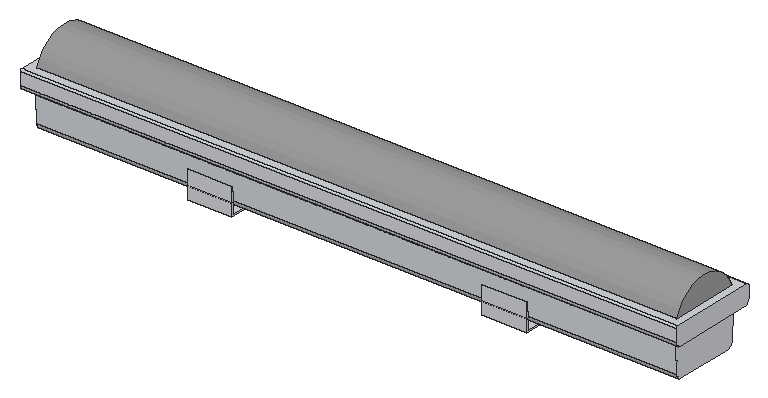
Revit family "0010203", category Lighting Fixtures, host Face, Revit 2017 (continued)
Types (60, lengths in mm): name | Weight | Wattage | TypeName | built-in parameter 1150134 | Photometric Web File | built-in parameter 1150142 | PowerFactor | PowerConsumption | NominalLength | Name | ModelReference | ModelNumber | Model | LuminousEfficacy | built-in parameter 1150105 | Lumens | LampNominalLuminous | LampMacAdamStep | LampColourTemperature | LENGHT_SYL | LENGHT_CHAMFER_SYL | LENGHT-_SYL | LENGHT-_CHAMFER_SYL | L0650_SYL | L1500_SYL | L1200_SYL | built-in parameter 1150107 | built-in parameter 1150106 | built-in parameter 1150104 | DocumentationLiterature | Description | BRACKET_WIDTH_SYL | BRACKET_DIST_SYL | Apparent Load
  0010268 RESISTO 1500 HE IP66 4000LM 840 | "1.87 kg" | 25 W | "Resisto  1500 HE IP66 4000lm 840" | 12 | "0010268.ies" | "IESNA:LM-63-2002\r\n[TEST] 0010268\r\n[TESTLAB]\r\n[MANUFAC] \r\n[LUMCAT]\r\n[LUMINAIRE] Resisto  1500 HE IP66 4000lm 8 40 /4000 \r\n[LAMP] 0010268 Resisto  1500 HE IP66 /4000\r\n[BALLAST] \r\n[ISSUEDATE]\r\n[OTHER] B-Angle = 0.00 B-Tilt = 0.00 2021-02-16\r\nTILT=NONE\r\n1 4000.00 1 37 5 1 2 0.087 1.500 0.040\r\n1.0 1.0 25.00\r\n   0.00   5.00  10.00  15.00  20.00  25.00  30.00  35.00  40.00  45.00\r\n  50.00  55.00  60.00  65.00  70.00  75.00  80.00  85.00  90.00  95.00\r\n 100.00 105.00 110.00 115.00 120.00 125.00 130.00 135.00 140.00 145.00\r\n 150.00 155.00 160.00 165.00 170.00 175.00 180.00\r\n   0.00  22.50  45.00  67.50  90.00\r\n    1286.32    1282.04    1267.08    1242.24    1204.20    1153.48    1089.96\r\n    1014.52     929.92     838.88     742.84     644.48     545.24     444.32\r\n     341.20     234.40     129.16      41.04       3.44       3.44       3.56\r\n       3.64       3.68       4.00       4.44       4.88       5.36       5.92\r\n       6.56       7.24       7.88       8.56       9.20       9.76      10.20\r\n      10.56      10.80\r\n    1286.32    1282.32    1258.96    1221.88    1180.52    1135.48    1084.04\r\n    1028.00     970.20     909.44     836.64     737.52     606.12     461.80\r\n     332.80     230.44     154.88      99.40      59.44      31.04      16.00\r\n       6.68       4.68       5.08       5.36       5.64       5.96       6.36\r\n       6.84       7.32       7.88       8.44       9.04       9.48       9.92\r\n      10.32      10.80\r\n    1286.32    1275.00    1239.36    1214.04    1191.84    1175.16    1166.84\r\n    1143.48    1092.48     985.60     822.80     647.44     502.76     392.92\r\n     309.80     246.88     196.16     151.64     115.40      87.72      60.76\r\n      37.96      22.28      12.12       7.48       7.32       7.24       7.24\r\n       7.24       7.52       7.96       8.44       8.92       9.36       9.80\r\n      10.16      10.80\r\n    1286.32    1269.16    1235.64    1223.44    1220.12    1235.36    1227.80\r\n    1181.72    1069.64     900.00     732.92     597.68     489.40     405.12\r\n     343.04     291.52     239.48     192.44     153.84     115.48      71.84\r\n      48.56      32.56      22.00      14.16       8.84       8.00       7.92\r\n       7.84       7.84       8.00       8.44       8.96       9.40       9.84\r\n      10.24      10.80\r\n    1286.32    1269.00    1235.96    1226.28    1235.68    1250.20    1239.32\r\n    1175.04    1040.44     867.00     712.80     589.00     489.24     414.92\r\n     359.04     308.00     254.04     204.76     161.72     113.20      70.92\r\n      50.04      36.08      26.60      18.72      12.48       9.84       9.60\r\n       9.48       9.36       9.40       9.68      10.16      10.56      10.84\r\n      10.96      10.80\r\n" | 0.95 | "25 W" | 1500 | "Resisto  1500 HE IP66 4000lm 840" | "Resisto  1500 HE IP66 4000lm 840" | "0010268" | "Resisto  1500 HE IP66 4000lm 840" | "160 lm/W" | 1286.3 (stored number, unit not read) | 4000 lm | "4000 lm" | "3" | "4000 K" | 742 | 750 | -742 | -750 | no | yes | no | 4000 (stored number, unit not read) | 12.863 (stored number, unit not read) | 14.864 (stored number, unit not read) | "http://www.sylvania-lighting.com/product/en-int/products/0010268" | "Resisto, integrated LED weatherproof luminaire, with UV stabilized flat diffuser designed to achieve uniform lit appearance, optimise light output and to reduce glare. 301 stainless steel diffuser clips and fixing brackets for surface mounting. Polycarbonate housing and diffuser - no yellow discolouration over time. 4000lm; 25W; 160lm/W; 4000K; SDCM<3; non dimmable; CRI80; IP66; IK08; Class I; 69,000hrs (L80B20) lifespan; 1500mm x 89mm x 88mm; D-mark." | 550 | 594 | 25 VA
  0010261 RESISTO 1500 IP66 DALI 8300LM 840 | "2.01 kg" | 61 W | "Resisto  1500 IP66 DALI 8300lm 840" | 12 | "0010261.ies" | "IESNA:LM-63-2002\r\n[TEST] 0010261\r\n[TESTLAB]\r\n[MANUFAC] \r\n[LUMCAT]\r\n[LUMINAIRE] Resisto  1500 IP66 DALI 8300lm  840 /4000 \r\n[LAMP] 0010261 Resisto  1500 IP66 DAL/4000\r\n[BALLAST] \r\n[ISSUEDATE]\r\n[OTHER] B-Angle = 0.00 B-Tilt = 0.00 2021-02-16\r\nTILT=NONE\r\n1 8300.00 1 37 5 1 2 0.087 1.500 0.040\r\n1.0 1.0 61.00\r\n   0.00   5.00  10.00  15.00  20.00  25.00  30.00  35.00  40.00  45.00\r\n  50.00  55.00  60.00  65.00  70.00  75.00  80.00  85.00  90.00  95.00\r\n 100.00 105.00 110.00 115.00 120.00 125.00 130.00 135.00 140.00 145.00\r\n 150.00 155.00 160.00 165.00 170.00 175.00 180.00\r\n   0.00  22.50  45.00  67.50  90.00\r\n    2794.11    2777.43    2737.84    2672.02    2584.70    2469.75    2325.99\r\n    2158.25    1971.91    1771.55    1562.47    1349.33    1134.94     915.49\r\n     690.23     457.99     236.05      63.83       7.39       7.72       8.05\r\n       8.30       8.47       9.21      10.04      11.12      12.20      13.45\r\n      14.86      16.27      17.76      19.26      20.50      21.66      22.66\r\n      23.41      23.74\r\n    2794.11    2766.39    2701.24    2614.58    2523.45    2425.18    2311.22\r\n    2185.47    2055.91    1917.63    1746.65    1516.74    1223.75     916.65\r\n     650.47     441.56     288.59     177.04      99.43      46.89      23.24\r\n       9.71      10.04      10.79      11.62      12.28      13.03      14.03\r\n      15.11      16.27      17.51      18.76      19.92      21.00      21.91\r\n      22.66      23.74\r\n    2794.11    2741.99    2662.31    2613.09    2558.06    2525.86    2501.79\r\n    2443.11    2306.74    2041.38    1666.39    1295.71    1000.73     780.03\r\n     613.29     486.38     381.80     291.41     220.53     164.17     110.89\r\n      67.81      38.18      19.92      15.44      15.52      15.60      15.60\r\n      16.02      16.77      17.68      18.59      19.59      20.58      21.50\r\n      22.24      23.74\r\n    2794.11    2726.96    2665.96    2636.83    2646.95    2668.12    2640.56\r\n    2510.25    2225.56    1840.69    1490.60    1214.54     994.42     826.18\r\n     700.93     591.71     482.31     386.78     307.76     220.53     135.79\r\n      92.05      61.59      40.59      25.65      17.35      17.10      17.10\r\n      17.01      17.10      17.68      18.59      19.42      20.42      21.41\r\n      22.24      23.74\r\n    2794.11    2719.08    2674.92    2652.85    2699.66    2715.59    2670.03\r\n    2485.19    2145.30    1768.73    1455.90    1204.50    1006.04     859.05\r\n     744.51     633.79     519.00     417.24     320.96     214.06     134.96\r\n      97.61      70.22      51.13      35.94      24.40      21.00      20.67\r\n      20.50      20.25      20.42      21.16      22.08      22.74      23.41\r\n      23.65      23.74\r\n" | 0.99 | "61 W" | 1500 | "Resisto  1500 IP66 DALI 8300lm 840" | "Resisto  1500 IP66 DALI 8300lm 840" | "0010261" | "Resisto  1500 IP66 DALI 8300lm 840" | "136 lm/W" | 2792.8 (stored number, unit not read) | 8296 lm | "8300 lm" | "5" | "4000 K" | 742 | 750 | -742 | -750 | no | yes | no | 4000 (stored number, unit not read) | 27.928 (stored number, unit not read) | 12.635 (stored number, unit not read) | "http://www.sylvania-lighting.com/product/en-int/products/0010261" | "Resisto, integrated LED weatherproof luminaire, with UV stabilized flat diffuser designed to achieve uniform lit appearance, optimise light output and to reduce glare. 301 stainless steel diffuser clips and fixing brackets for surface mounting. Polycarbonate housing and diffuser - no yellow discolouration over time. 8300lm; 61W; 136lm/W; 4000K; SDCM<5; DALI dimmable; CRI80; IP66; IK08; Class I; 69,000hrs (L80B20) lifespan; 1500mm x 89mm x 88mm; D-mark." | 550 | 594 | 61 VA
  0010260 RESISTO 1500 IP66 DALI 7100LM 840 | "2.01 kg" | 52 W | "Resisto  1500 IP66 DALI 7100lm 840" | 12 | "0010260.ies" | "IESNA:LM-63-2002\r\n[TEST] 0010260\r\n[TESTLAB]\r\n[MANUFAC] \r\n[LUMCAT]\r\n[LUMINAIRE] Resisto  1500 IP66 DALI 7100lm  840 /4000 \r\n[LAMP] 0010260 Resisto  1500 IP66 DAL/4000\r\n[BALLAST] \r\n[ISSUEDATE]\r\n[OTHER] B-Angle = 0.00 B-Tilt = 0.00 2021-02-16\r\nTILT=NONE\r\n1 7100.00 1 37 5 1 2 0.087 1.500 0.040\r\n1.0 1.0 52.00\r\n   0.00   5.00  10.00  15.00  20.00  25.00  30.00  35.00  40.00  45.00\r\n  50.00  55.00  60.00  65.00  70.00  75.00  80.00  85.00  90.00  95.00\r\n 100.00 105.00 110.00 115.00 120.00 125.00 130.00 135.00 140.00 145.00\r\n 150.00 155.00 160.00 165.00 170.00 175.00 180.00\r\n   0.00  22.50  45.00  67.50  90.00\r\n    2367.50    2355.99    2324.75    2272.21    2198.66    2105.22    1987.15\r\n    1846.50    1688.17    1517.63    1338.35    1156.09     971.56     783.84\r\n     591.57     393.34     202.42      52.40       6.04       6.32       6.60\r\n       6.74       7.10       7.67       8.38       9.23      10.15      11.15\r\n      12.28      13.49      14.70      15.90      16.97      17.96      18.82\r\n      19.38      19.74\r\n    2367.50    2349.25    2296.64    2224.43    2147.47    2064.82    1969.75\r\n    1864.18    1753.49    1637.54    1496.04    1306.61    1062.44     799.82\r\n     568.50     386.67     253.61     155.92      88.11      42.32      20.66\r\n       8.24       8.38       8.95       9.66      10.22      10.86      11.64\r\n      12.57      13.56      14.55      15.62      16.61      17.61      18.39\r\n      19.03      19.74\r\n    2367.50    2328.59    2259.79    2218.68    2171.11    2138.38    2120.20\r\n    2071.14    1967.62    1757.25    1446.63    1125.85     867.98     675.21\r\n     529.80     419.18     329.30     252.12     190.92     142.71      97.91\r\n      59.78      33.65      17.18      12.99      13.06      13.14      13.14\r\n      13.42      14.06      14.77      15.62      16.47      17.40      18.18\r\n      18.82      19.74\r\n    2367.50    2314.25    2259.57    2234.80    2232.45    2253.47    2231.60\r\n    2133.98    1911.53    1588.98    1283.82    1043.70     851.93     704.04\r\n     595.12     503.60     411.52     330.36     264.33     193.76     120.35\r\n      80.59      53.25      34.65      21.87      14.63      14.48      14.48\r\n      14.41      14.41      14.91      15.62      16.47      17.32      18.18\r\n      18.89      19.74\r\n    2367.50    2303.60    2263.13    2242.32    2275.55    2286.48    2253.19\r\n    2110.69    1838.62    1518.83    1247.26    1030.14     856.33     727.32\r\n     628.78     536.69     440.55     354.86     277.54     188.43     117.29\r\n      83.99      59.78      43.31      30.25      20.52      17.61      17.40\r\n      17.32      17.11      17.25      17.82      18.53      19.17      19.74\r\n      19.95      19.74\r\n" | 0.99 | "52 W" | 1500 | "Resisto  1500 IP66 DALI 7100lm 840" | "Resisto  1500 IP66 DALI 7100lm 840" | "0010260" | "Resisto  1500 IP66 DALI 7100lm 840" | "137 lm/W" | 2375.5 (stored number, unit not read) | 7124 lm | "7100 lm" | "5" | "4000 K" | 742 | 750 | -742 | -750 | no | yes | no | 4000 (stored number, unit not read) | 23.755 (stored number, unit not read) | 12.728 (stored number, unit not read) | "http://www.sylvania-lighting.com/product/en-int/products/0010260" | "Resisto, integrated LED weatherproof luminaire, with UV stabilized flat diffuser designed to achieve uniform lit appearance, optimise light output and to reduce glare. 301 stainless steel diffuser clips and fixing brackets for surface mounting. Polycarbonate housing and diffuser - no yellow discolouration over time. 7100lm; 52W; 137lm/W; 4000K; SDCM<5; DALI dimmable; CRI80; IP66; IK08; Class I; 69,000hrs (L80B20) lifespan; 1500mm x 89mm x 88mm; D-mark." | 550 | 594 | 52 VA
  0010259 RESISTO 1500 IP66 DALI 4000LM 840 | "1.95 kg" | 30 W | "Resisto  1500 IP66 DALI 4000lm 840" | 12 | "0010259.ies" | "IESNA:LM-63-2002\r\n[TEST] 0010259\r\n[TESTLAB]\r\n[MANUFAC] \r\n[LUMCAT]\r\n[LUMINAIRE] Resisto  1500 IP66 DALI 4000lm  840 /4000 \r\n[LAMP] 0010259 Resisto  1500 IP66 DAL/4000\r\n[BALLAST] \r\n[ISSUEDATE]\r\n[OTHER] B-Angle = 0.00 B-Tilt = 0.00 2021-02-16\r\nTILT=NONE\r\n1 4000.00 1 37 5 1 2 0.087 1.500 0.040\r\n1.0 1.0 30.00\r\n   0.00   5.00  10.00  15.00  20.00  25.00  30.00  35.00  40.00  45.00\r\n  50.00  55.00  60.00  65.00  70.00  75.00  80.00  85.00  90.00  95.00\r\n 100.00 105.00 110.00 115.00 120.00 125.00 130.00 135.00 140.00 145.00\r\n 150.00 155.00 160.00 165.00 170.00 175.00 180.00\r\n   0.00  22.50  45.00  67.50  90.00\r\n    1286.32    1282.04    1267.08    1242.24    1204.20    1153.48    1089.96\r\n    1014.52     929.92     838.88     742.84     644.48     545.24     444.32\r\n     341.20     234.40     129.16      41.04       3.44       3.44       3.56\r\n       3.64       3.68       4.00       4.44       4.88       5.36       5.92\r\n       6.56       7.24       7.88       8.56       9.20       9.76      10.20\r\n      10.56      10.80\r\n    1286.32    1282.32    1258.96    1221.88    1180.52    1135.48    1084.04\r\n    1028.00     970.20     909.44     836.64     737.52     606.12     461.80\r\n     332.80     230.44     154.88      99.40      59.44      31.04      16.00\r\n       6.68       4.68       5.08       5.36       5.64       5.96       6.36\r\n       6.84       7.32       7.88       8.44       9.04       9.48       9.92\r\n      10.32      10.80\r\n    1286.32    1275.00    1239.36    1214.04    1191.84    1175.16    1166.84\r\n    1143.48    1092.48     985.60     822.80     647.44     502.76     392.92\r\n     309.80     246.88     196.16     151.64     115.40      87.72      60.76\r\n      37.96      22.28      12.12       7.48       7.32       7.24       7.24\r\n       7.24       7.52       7.96       8.44       8.92       9.36       9.80\r\n      10.16      10.80\r\n    1286.32    1269.16    1235.64    1223.44    1220.12    1235.36    1227.80\r\n    1181.72    1069.64     900.00     732.92     597.68     489.40     405.12\r\n     343.04     291.52     239.48     192.44     153.84     115.48      71.84\r\n      48.56      32.56      22.00      14.16       8.84       8.00       7.92\r\n       7.84       7.84       8.00       8.44       8.96       9.40       9.84\r\n      10.24      10.80\r\n    1286.32    1269.00    1235.96    1226.28    1235.68    1250.20    1239.32\r\n    1175.04    1040.44     867.00     712.80     589.00     489.24     414.92\r\n     359.04     308.00     254.04     204.76     161.72     113.20      70.92\r\n      50.04      36.08      26.60      18.72      12.48       9.84       9.60\r\n       9.48       9.36       9.40       9.68      10.16      10.56      10.84\r\n      10.96      10.80\r\n" | 0.98 | "30 W" | 1500 | "Resisto  1500 IP66 DALI 4000lm 840" | "Resisto  1500 IP66 DALI 4000lm 840" | "0010259" | "Resisto  1500 IP66 DALI 4000lm 840" | "133 lm/W" | 1283.1 (stored number, unit not read) | 3990 lm | "4000 lm" | "5" | "4000 K" | 742 | 750 | -742 | -750 | no | yes | no | 4000 (stored number, unit not read) | 12.831 (stored number, unit not read) | 12.356 (stored number, unit not read) | "http://www.sylvania-lighting.com/product/en-int/products/0010259" | "Resisto, integrated LED weatherproof luminaire, with UV stabilized flat diffuser designed to achieve uniform lit appearance, optimise light output and to reduce glare. 301 stainless steel diffuser clips and fixing brackets for surface mounting. Polycarbonate housing and diffuser - no yellow discolouration over time. 4000lm; 30W; 133lm/W; 4000K; SDCM<5; DALI dimmable; CRI80; IP66; IK08; Class I; 69,000hrs (L80B20) lifespan; 1500mm x 89mm x 88mm; D-mark." | 550 | 594 | 30 VA
  0010258 RESISTO 1500 IP66 MWCOR 7100LM 840 | "2.06 kg" | 52 W | "Resisto  1500 IP66 MWcor 7100lm 840" | 12 | "0010258.ies" | "IESNA:LM-63-2002\r\n[TEST] 0010258\r\n[TESTLAB]\r\n[MANUFAC] \r\n[LUMCAT]\r\n[LUMINAIRE] Resisto  1500 IP66 MWcor 7100l m 840 /4000 \r\n[LAMP] 0010258 Resisto  1500 IP66 MWc/4000\r\n[BALLAST] \r\n[ISSUEDATE]\r\n[OTHER] B-Angle = 0.00 B-Tilt = 0.00 2021-02-16\r\nTILT=NONE\r\n1 7100.00 1 37 5 1 2 0.087 1.500 0.040\r\n1.0 1.0 52.00\r\n   0.00   5.00  10.00  15.00  20.00  25.00  30.00  35.00  40.00  45.00\r\n  50.00  55.00  60.00  65.00  70.00  75.00  80.00  85.00  90.00  95.00\r\n 100.00 105.00 110.00 115.00 120.00 125.00 130.00 135.00 140.00 145.00\r\n 150.00 155.00 160.00 165.00 170.00 175.00 180.00\r\n   0.00  22.50  45.00  67.50  90.00\r\n    2367.50    2355.99    2324.75    2272.21    2198.66    2105.22    1987.15\r\n    1846.50    1688.17    1517.63    1338.35    1156.09     971.56     783.84\r\n     591.57     393.34     202.42      52.40       6.04       6.32       6.60\r\n       6.74       7.10       7.67       8.38       9.23      10.15      11.15\r\n      12.28      13.49      14.70      15.90      16.97      17.96      18.82\r\n      19.38      19.74\r\n    2367.50    2349.25    2296.64    2224.43    2147.47    2064.82    1969.75\r\n    1864.18    1753.49    1637.54    1496.04    1306.61    1062.44     799.82\r\n     568.50     386.67     253.61     155.92      88.11      42.32      20.66\r\n       8.24       8.38       8.95       9.66      10.22      10.86      11.64\r\n      12.57      13.56      14.55      15.62      16.61      17.61      18.39\r\n      19.03      19.74\r\n    2367.50    2328.59    2259.79    2218.68    2171.11    2138.38    2120.20\r\n    2071.14    1967.62    1757.25    1446.63    1125.85     867.98     675.21\r\n     529.80     419.18     329.30     252.12     190.92     142.71      97.91\r\n      59.78      33.65      17.18      12.99      13.06      13.14      13.14\r\n      13.42      14.06      14.77      15.62      16.47      17.40      18.18\r\n      18.82      19.74\r\n    2367.50    2314.25    2259.57    2234.80    2232.45    2253.47    2231.60\r\n    2133.98    1911.53    1588.98    1283.82    1043.70     851.93     704.04\r\n     595.12     503.60     411.52     330.36     264.33     193.76     120.35\r\n      80.59      53.25      34.65      21.87      14.63      14.48      14.48\r\n      14.41      14.41      14.91      15.62      16.47      17.32      18.18\r\n      18.89      19.74\r\n    2367.50    2303.60    2263.13    2242.32    2275.55    2286.48    2253.19\r\n    2110.69    1838.62    1518.83    1247.26    1030.14     856.33     727.32\r\n     628.78     536.69     440.55     354.86     277.54     188.43     117.29\r\n      83.99      59.78      43.31      30.25      20.52      17.61      17.40\r\n      17.32      17.11      17.25      17.82      18.53      19.17      19.74\r\n      19.95      19.74\r\n" | 0.99 | "52 W" | 1500 | "Resisto  1500 IP66 MWcor 7100lm 840" | "Resisto  1500 IP66 MWcor 7100lm 840" | "0010258" | "Resisto  1500 IP66 MWcor 7100lm 840" | "137 lm/W" | 2375.5 (stored number, unit not read) | 7124 lm | "7100 lm" | "5" | "4000 K" | 742 | 750 | -742 | -750 | no | yes | no | 4000 (stored number, unit not read) | 23.755 (stored number, unit not read) | 12.728 (stored number, unit not read) | "http://www.sylvania-lighting.com/product/en-int/products/0010258" | "Resisto, integrated LED weatherproof luminaire, with UV stabilized flat diffuser designed to achieve uniform lit appearance, optimise light output and to reduce glare. 301 stainless steel diffuser clips and fixing brackets for surface mounting. Polycarbonate housing and diffuser - no yellow discolouration over time. 7100lm; 52W; 137lm/W; 4000K; SDCM<5; non dimmable; CRI80; IP66; IK08; Class I; 69,000hrs (L80B20) lifespan; 1500mm x 89mm x 88mm; D-mark; corridor function with microwave presence sensor." | 550 | 594 | 52 VA
  0010257 RESISTO 1500 IP66 MWCOR 4000LM 840 | "2.0 kg" | 30 W | "Resisto  1500 IP66 MWcor 4000lm 840" | 12 | "0010257.ies" | "IESNA:LM-63-2002\r\n[TEST] 0010257\r\n[TESTLAB]\r\n[MANUFAC] \r\n[LUMCAT]\r\n[LUMINAIRE] Resisto  1500 IP66 MWcor 4000l m 840 /4000 \r\n[LAMP] 0010257 Resisto  1500 IP66 MWc/4000\r\n[BALLAST] \r\n[ISSUEDATE]\r\n[OTHER] B-Angle = 0.00 B-Tilt = 0.00 2021-02-16\r\nTILT=NONE\r\n1 4000.00 1 37 5 1 2 0.087 1.500 0.040\r\n1.0 1.0 30.00\r\n   0.00   5.00  10.00  15.00  20.00  25.00  30.00  35.00  40.00  45.00\r\n  50.00  55.00  60.00  65.00  70.00  75.00  80.00  85.00  90.00  95.00\r\n 100.00 105.00 110.00 115.00 120.00 125.00 130.00 135.00 140.00 145.00\r\n 150.00 155.00 160.00 165.00 170.00 175.00 180.00\r\n   0.00  22.50  45.00  67.50  90.00\r\n    1286.32    1282.04    1267.08    1242.24    1204.20    1153.48    1089.96\r\n    1014.52     929.92     838.88     742.84     644.48     545.24     444.32\r\n     341.20     234.40     129.16      41.04       3.44       3.44       3.56\r\n       3.64       3.68       4.00       4.44       4.88       5.36       5.92\r\n       6.56       7.24       7.88       8.56       9.20       9.76      10.20\r\n      10.56      10.80\r\n    1286.32    1282.32    1258.96    1221.88    1180.52    1135.48    1084.04\r\n    1028.00     970.20     909.44     836.64     737.52     606.12     461.80\r\n     332.80     230.44     154.88      99.40      59.44      31.04      16.00\r\n       6.68       4.68       5.08       5.36       5.64       5.96       6.36\r\n       6.84       7.32       7.88       8.44       9.04       9.48       9.92\r\n      10.32      10.80\r\n    1286.32    1275.00    1239.36    1214.04    1191.84    1175.16    1166.84\r\n    1143.48    1092.48     985.60     822.80     647.44     502.76     392.92\r\n     309.80     246.88     196.16     151.64     115.40      87.72      60.76\r\n      37.96      22.28      12.12       7.48       7.32       7.24       7.24\r\n       7.24       7.52       7.96       8.44       8.92       9.36       9.80\r\n      10.16      10.80\r\n    1286.32    1269.16    1235.64    1223.44    1220.12    1235.36    1227.80\r\n    1181.72    1069.64     900.00     732.92     597.68     489.40     405.12\r\n     343.04     291.52     239.48     192.44     153.84     115.48      71.84\r\n      48.56      32.56      22.00      14.16       8.84       8.00       7.92\r\n       7.84       7.84       8.00       8.44       8.96       9.40       9.84\r\n      10.24      10.80\r\n    1286.32    1269.00    1235.96    1226.28    1235.68    1250.20    1239.32\r\n    1175.04    1040.44     867.00     712.80     589.00     489.24     414.92\r\n     359.04     308.00     254.04     204.76     161.72     113.20      70.92\r\n      50.04      36.08      26.60      18.72      12.48       9.84       9.60\r\n       9.48       9.36       9.40       9.68      10.16      10.56      10.84\r\n      10.96      10.80\r\n" | 0.98 | "30 W" | 1500 | "Resisto  1500 IP66 MWcor 4000lm 840" | "Resisto  1500 IP66 MWcor 4000lm 840" | "0010257" | "Resisto  1500 IP66 MWcor 4000lm 840" | "133 lm/W" | 1283.1 (stored number, unit not read) | 3990 lm | "4000 lm" | "5" | "4000 K" | 742 | 750 | -742 | -750 | no | yes | no | 4000 (stored number, unit not read) | 12.831 (stored number, unit not read) | 12.356 (stored number, unit not read) | "http://www.sylvania-lighting.com/product/en-int/products/0010257" | "Resisto, integrated LED weatherproof luminaire, with UV stabilized flat diffuser designed to achieve uniform lit appearance, optimise light output and to reduce glare. 301 stainless steel diffuser clips and fixing brackets for surface mounting. Polycarbonate housing and diffuser - no yellow discolouration over time. 4000lm; 30W; 133lm/W; 4000K; SDCM<5; non dimmable; CRI80; IP66; IK08; Class I; 69,000hrs (L80B20) lifespan; 1500mm x 89mm x 88mm; D-mark; corridor function with microwave presence sensor." | 550 | 594 | 30 VA
  0010256 RESISTO 1500 IP66 MW 7100LM 840 | "2.0 kg" | 52 W | "Resisto  1500 IP66 MW 7100lm 840" | 12 | "0010256.ies" | "IESNA:LM-63-2002\r\n[TEST] 0010256\r\n[TESTLAB]\r\n[MANUFAC] \r\n[LUMCAT]\r\n[LUMINAIRE] Resisto  1500 IP66 MW 7100lm 8 40 /4000 \r\n[LAMP] 0010256 Resisto  1500 IP66 MW /4000\r\n[BALLAST] \r\n[ISSUEDATE]\r\n[OTHER] B-Angle = 0.00 B-Tilt = 0.00 2021-02-16\r\nTILT=NONE\r\n1 7100.00 1 37 5 1 2 0.087 1.500 0.040\r\n1.0 1.0 52.00\r\n   0.00   5.00  10.00  15.00  20.00  25.00  30.00  35.00  40.00  45.00\r\n  50.00  55.00  60.00  65.00  70.00  75.00  80.00  85.00  90.00  95.00\r\n 100.00 105.00 110.00 115.00 120.00 125.00 130.00 135.00 140.00 145.00\r\n 150.00 155.00 160.00 165.00 170.00 175.00 180.00\r\n   0.00  22.50  45.00  67.50  90.00\r\n    2367.50    2355.99    2324.75    2272.21    2198.66    2105.22    1987.15\r\n    1846.50    1688.17    1517.63    1338.35    1156.09     971.56     783.84\r\n     591.57     393.34     202.42      52.40       6.04       6.32       6.60\r\n       6.74       7.10       7.67       8.38       9.23      10.15      11.15\r\n      12.28      13.49      14.70      15.90      16.97      17.96      18.82\r\n      19.38      19.74\r\n    2367.50    2349.25    2296.64    2224.43    2147.47    2064.82    1969.75\r\n    1864.18    1753.49    1637.54    1496.04    1306.61    1062.44     799.82\r\n     568.50     386.67     253.61     155.92      88.11      42.32      20.66\r\n       8.24       8.38       8.95       9.66      10.22      10.86      11.64\r\n      12.57      13.56      14.55      15.62      16.61      17.61      18.39\r\n      19.03      19.74\r\n    2367.50    2328.59    2259.79    2218.68    2171.11    2138.38    2120.20\r\n    2071.14    1967.62    1757.25    1446.63    1125.85     867.98     675.21\r\n     529.80     419.18     329.30     252.12     190.92     142.71      97.91\r\n      59.78      33.65      17.18      12.99      13.06      13.14      13.14\r\n      13.42      14.06      14.77      15.62      16.47      17.40      18.18\r\n      18.82      19.74\r\n    2367.50    2314.25    2259.57    2234.80    2232.45    2253.47    2231.60\r\n    2133.98    1911.53    1588.98    1283.82    1043.70     851.93     704.04\r\n     595.12     503.60     411.52     330.36     264.33     193.76     120.35\r\n      80.59      53.25      34.65      21.87      14.63      14.48      14.48\r\n      14.41      14.41      14.91      15.62      16.47      17.32      18.18\r\n      18.89      19.74\r\n    2367.50    2303.60    2263.13    2242.32    2275.55    2286.48    2253.19\r\n    2110.69    1838.62    1518.83    1247.26    1030.14     856.33     727.32\r\n     628.78     536.69     440.55     354.86     277.54     188.43     117.29\r\n      83.99      59.78      43.31      30.25      20.52      17.61      17.40\r\n      17.32      17.11      17.25      17.82      18.53      19.17      19.74\r\n      19.95      19.74\r\n" | 0.95 | "52 W" | 1500 | "Resisto  1500 IP66 MW 7100lm 840" | "Resisto  1500 IP66 MW 7100lm 840" | "0010256" | "Resisto  1500 IP66 MW 7100lm 840" | "137 lm/W" | 2375.5 (stored number, unit not read) | 7124 lm | "7100 lm" | "5" | "4000 K" | 742 | 750 | -742 | -750 | no | yes | no | 4000 (stored number, unit not read) | 23.755 (stored number, unit not read) | 12.728 (stored number, unit not read) | "http://www.sylvania-lighting.com/product/en-int/products/0010256" | "Resisto, integrated LED weatherproof luminaire, with UV stabilized flat diffuser designed to achieve uniform lit appearance, optimise light output and to reduce glare. 301 stainless steel diffuser clips and fixing brackets for surface mounting. Polycarbonate housing and diffuser - no yellow discolouration over time. 7100lm; 52W; 137lm/W; 4000K; SDCM<5; non dimmable; CRI80; IP66; IK08; Class I; 69,000hrs (L80B20) lifespan; 1500mm x 89mm x 88mm; D-mark; MW On/Off." | 550 | 594 | 52 VA
  0010255 RESISTO 1500 IP66 MW 4000LM 840 | "1.92 kg" | 30 W | "Resisto  1500 IP66 MW 4000lm 840" | 12 | "0010255.ies" | "IESNA:LM-63-2002\r\n[TEST] 0010255\r\n[TESTLAB]\r\n[MANUFAC] \r\n[LUMCAT]\r\n[LUMINAIRE] Resisto  1500 IP66 MW 4000lm 8 40 /4000 \r\n[LAMP] 0010255 Resisto  1500 IP66 MW /4000\r\n[BALLAST] \r\n[ISSUEDATE]\r\n[OTHER] B-Angle = 0.00 B-Tilt = 0.00 2021-02-16\r\nTILT=NONE\r\n1 4000.00 1 37 5 1 2 0.087 1.500 0.040\r\n1.0 1.0 30.00\r\n   0.00   5.00  10.00  15.00  20.00  25.00  30.00  35.00  40.00  45.00\r\n  50.00  55.00  60.00  65.00  70.00  75.00  80.00  85.00  90.00  95.00\r\n 100.00 105.00 110.00 115.00 120.00 125.00 130.00 135.00 140.00 145.00\r\n 150.00 155.00 160.00 165.00 170.00 175.00 180.00\r\n   0.00  22.50  45.00  67.50  90.00\r\n    1286.32    1282.04    1267.08    1242.24    1204.20    1153.48    1089.96\r\n    1014.52     929.92     838.88     742.84     644.48     545.24     444.32\r\n     341.20     234.40     129.16      41.04       3.44       3.44       3.56\r\n       3.64       3.68       4.00       4.44       4.88       5.36       5.92\r\n       6.56       7.24       7.88       8.56       9.20       9.76      10.20\r\n      10.56      10.80\r\n    1286.32    1282.32    1258.96    1221.88    1180.52    1135.48    1084.04\r\n    1028.00     970.20     909.44     836.64     737.52     606.12     461.80\r\n     332.80     230.44     154.88      99.40      59.44      31.04      16.00\r\n       6.68       4.68       5.08       5.36       5.64       5.96       6.36\r\n       6.84       7.32       7.88       8.44       9.04       9.48       9.92\r\n      10.32      10.80\r\n    1286.32    1275.00    1239.36    1214.04    1191.84    1175.16    1166.84\r\n    1143.48    1092.48     985.60     822.80     647.44     502.76     392.92\r\n     309.80     246.88     196.16     151.64     115.40      87.72      60.76\r\n      37.96      22.28      12.12       7.48       7.32       7.24       7.24\r\n       7.24       7.52       7.96       8.44       8.92       9.36       9.80\r\n      10.16      10.80\r\n    1286.32    1269.16    1235.64    1223.44    1220.12    1235.36    1227.80\r\n    1181.72    1069.64     900.00     732.92     597.68     489.40     405.12\r\n     343.04     291.52     239.48     192.44     153.84     115.48      71.84\r\n      48.56      32.56      22.00      14.16       8.84       8.00       7.92\r\n       7.84       7.84       8.00       8.44       8.96       9.40       9.84\r\n      10.24      10.80\r\n    1286.32    1269.00    1235.96    1226.28    1235.68    1250.20    1239.32\r\n    1175.04    1040.44     867.00     712.80     589.00     489.24     414.92\r\n     359.04     308.00     254.04     204.76     161.72     113.20      70.92\r\n      50.04      36.08      26.60      18.72      12.48       9.84       9.60\r\n       9.48       9.36       9.40       9.68      10.16      10.56      10.84\r\n      10.96      10.80\r\n" | 0.95 | "30 W" | 1500 | "Resisto  1500 IP66 MW 4000lm 840" | "Resisto  1500 IP66 MW 4000lm 840" | "0010255" | "Resisto  1500 IP66 MW 4000lm 840" | "133 lm/W" | 1283.1 (stored number, unit not read) | 3990 lm | "4000 lm" | "5" | "4000 K" | 742 | 750 | -742 | -750 | no | yes | no | 4000 (stored number, unit not read) | 12.831 (stored number, unit not read) | 12.356 (stored number, unit not read) | "http://www.sylvania-lighting.com/product/en-int/products/0010255" | "Resisto, integrated LED weatherproof luminaire, with UV stabilized flat diffuser designed to achieve uniform lit appearance, optimise light output and to reduce glare. 301 stainless steel diffuser clips and fixing brackets for surface mounting. Polycarbonate housing and diffuser - no yellow discolouration over time. 4000lm; 30W; 133lm/W; 4000K; SDCM<5; non dimmable; CRI80; IP66; IK08; Class I; 69,000hrs (L80B20) lifespan; 1500mm x 89mm x 88mm; D-mark; MW On/Off." | 550 | 594 | 30 VA
  0010254 RESISTO 1500 IP66 7100LM 840 EM | "2.59 kg" | 56 W | "Resisto  1500 IP66 7100lm 840 EM" | 12 | "0010254.ies" | "IESNA:LM-63-2002\r\n[TEST] 0010254\r\n[TESTLAB]\r\n[MANUFAC] \r\n[LUMCAT]\r\n[LUMINAIRE] Resisto  1500 IP66 7100lm 840  EM /4000 \r\n[LAMP] 0010254 Resisto  1500 IP66 710/4000\r\n[BALLAST] \r\n[ISSUEDATE]\r\n[OTHER] B-Angle = 0.00 B-Tilt = 0.00 2021-02-16\r\nTILT=NONE\r\n1 7100.00 1 37 5 1 2 0.087 1.500 0.040\r\n1.0 1.0 56.00\r\n   0.00   5.00  10.00  15.00  20.00  25.00  30.00  35.00  40.00  45.00\r\n  50.00  55.00  60.00  65.00  70.00  75.00  80.00  85.00  90.00  95.00\r\n 100.00 105.00 110.00 115.00 120.00 125.00 130.00 135.00 140.00 145.00\r\n 150.00 155.00 160.00 165.00 170.00 175.00 180.00\r\n   0.00  22.50  45.00  67.50  90.00\r\n    2367.50    2355.99    2324.75    2272.21    2198.66    2105.22    1987.15\r\n    1846.50    1688.17    1517.63    1338.35    1156.09     971.56     783.84\r\n     591.57     393.34     202.42      52.40       6.04       6.32       6.60\r\n       6.74       7.10       7.67       8.38       9.23      10.15      11.15\r\n      12.28      13.49      14.70      15.90      16.97      17.96      18.82\r\n      19.38      19.74\r\n    2367.50    2349.25    2296.64    2224.43    2147.47    2064.82    1969.75\r\n    1864.18    1753.49    1637.54    1496.04    1306.61    1062.44     799.82\r\n     568.50     386.67     253.61     155.92      88.11      42.32      20.66\r\n       8.24       8.38       8.95       9.66      10.22      10.86      11.64\r\n      12.57      13.56      14.55      15.62      16.61      17.61      18.39\r\n      19.03      19.74\r\n    2367.50    2328.59    2259.79    2218.68    2171.11    2138.38    2120.20\r\n    2071.14    1967.62    1757.25    1446.63    1125.85     867.98     675.21\r\n     529.80     419.18     329.30     252.12     190.92     142.71      97.91\r\n      59.78      33.65      17.18      12.99      13.06      13.14      13.14\r\n      13.42      14.06      14.77      15.62      16.47      17.40      18.18\r\n      18.82      19.74\r\n    2367.50    2314.25    2259.57    2234.80    2232.45    2253.47    2231.60\r\n    2133.98    1911.53    1588.98    1283.82    1043.70     851.93     704.04\r\n     595.12     503.60     411.52     330.36     264.33     193.76     120.35\r\n      80.59      53.25      34.65      21.87      14.63      14.48      14.48\r\n      14.41      14.41      14.91      15.62      16.47      17.32      18.18\r\n      18.89      19.74\r\n    2367.50    2303.60    2263.13    2242.32    2275.55    2286.48    2253.19\r\n    2110.69    1838.62    1518.83    1247.26    1030.14     856.33     727.32\r\n     628.78     536.69     440.55     354.86     277.54     188.43     117.29\r\n      83.99      59.78      43.31      30.25      20.52      17.61      17.40\r\n      17.32      17.11      17.25      17.82      18.53      19.17      19.74\r\n      19.95      19.74\r\n" | 0.95 | "56 W" | 1500 | "Resisto  1500 IP66 7100lm 840 EM" | "Resisto  1500 IP66 7100lm 840 EM" | "0010254" | "Resisto  1500 IP66 7100lm 840 EM" | "127 lm/W" | 2371.5 (stored number, unit not read) | 7112 lm | "7100 lm" | "5" | "4000 K" | 742 | 750 | -742 | -750 | no | yes | no | 4000 (stored number, unit not read) | 23.715 (stored number, unit not read) | 11.799 (stored number, unit not read) | "http://www.sylvania-lighting.com/product/en-int/products/0010254" | "Resisto, integrated LED weatherproof luminaire, with UV stabilized flat diffuser designed to achieve uniform lit appearance, optimise light output and to reduce glare. 301 stainless steel diffuser clips and fixing brackets for surface mounting. Polycarbonate housing and diffuser - no yellow discolouration over time. 7100lm; 56W; 127lm/W; 4000K; SDCM<5; non dimmable; CRI80; IP66; IK08; Class I; 69,000hrs (L80B20) lifespan; 1500mm x 89mm x 88mm; D-mark; 3-hour maintained emergency batteries." | 550 | 594 | 56 VA
